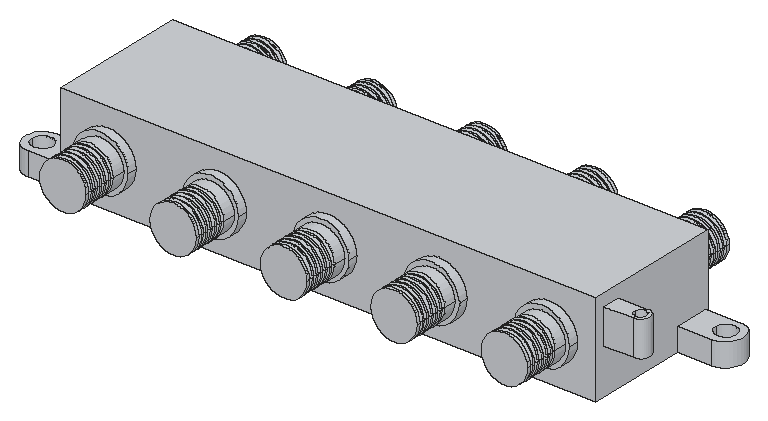
Revit family "Derivador 815-820-825", category Aparatos eléctricos, Revit 2019 (continued)
Automatic sketch dimensions
  curve 624 to curve 628 = 0.066 mm
  curve 618 to curve 629 = 0.534 mm
  curve 629 to curve 617 = 0.131 mm
  curve 617 to curve 617 = 0.766 mm
  curve 628 to curve 712 = 1.141 mm
  curve 711 to curve 710 = 0.208 mm
  curve 711 to curve 713 = 0.451 mm
  curve 709 to curve 697 = 0.034 mm
  curve 630 to curve 631 = 0.555 mm
  curve 709 to curve 697 = 0.957 mm
  curve 696 to curve 631 = 0.219 mm
  curve 715 to curve 715 = 0.153 mm
  curve 715 to curve 696 = 0.047 mm
  curve 715 to curve 694 = 0.153 mm
  curve 696 to curve 695 = 0.421 mm
  curve 630 to curve 714 = 1.622 mm
  curve 695 to curve 634 = 0.892 mm
  curve 694 to curve 695 = 0.494 mm
  curve 695 to curve 684 = 0.033 mm
  curve 695 to curve 679 = 0.145 mm
  curve 684 to curve 682 = 0.253 mm
  curve 695 to curve 636 = 0.469 mm
  curve 636 to curve 635 = 0.035 mm
  curve 681 to curve 681 = 0.231 mm
  curve 634 to curve 632 = 0.544 mm
  curve 633 to curve 639 = 0.167 mm
  curve 681 to curve 680 = 0.239 mm
  curve 681 to curve 679 = 0.03 mm
  curve 679 to curve 719 = 0.262 mm
  curve 635 to curve 636 = 1.005 mm
  curve 636 to curve 637 = 0.019 mm
  curve 637 to curve 638 = 0.019 mm
  curve 638 to curve 640 = 0.521 mm
  curve 685 to curve 686 = 2.403 mm
  curve 680 to curve 680 = 1.704 mm
  curve 632 to curve 643 = 0.451 mm
  curve 637 to curve 678 = 1.04 mm
  curve 687 to curve 684 = 0.091 mm
  curve 680 to curve 722 = 0.132 mm
  curve 687 to curve 687 = 0.224 mm
  curve 684 to curve 721 = 0.186 mm
  curve 677 to curve 717 = 0.198 mm
  curve 680 to curve 716 = 0.264 mm
  curve 684 to curve 683 = 0.25 mm
  curve 718 to curve 718 = 0.079 mm
  curve 717 to curve 677 = 0.085 mm
  curve 718 to curve 674 = 0.079 mm
  curve 644 to curve 645 = 0.423 mm
  curve 687 to curve 688 = 0.265 mm
  curve 644 to curve 641 = 0.477 mm
  curve 641 to curve 644 = 0.103 mm
  curve 677 to curve 676 = 0.283 mm
  curve 644 to curve 698 = 0.078 mm
  curve 644 to curve 700 = 0.15 mm
  curve 722 to curve 691 = 0.785 mm
  curve 700 to curve 698 = 0.716 mm
  curve 721 to curve 683 = 1.428 mm
  curve 645 to curve 649 = 0.222 mm
  curve 690 to curve 720 = 0.771 mm
  curve 716 to curve 720 = 0.177 mm
  curve 693 to curve 674 = 0.184 mm
  curve 648 to curve 650 = 0.491 mm
  curve 703 to curve 647 = 0.058 mm
  curve 647 to curve 646 = 0.094 mm
  curve 674 to curve 675 = 0.215 mm
  curve 703 to curve 703 = 0.296 mm
  curve 675 to curve 676 = 0.215 mm
  curve 682 to curve 690 = 0.971 mm
  curve 693 to curve 693 = 0.687 mm
  curve 702 to curve 702 = 1.19 mm
  curve 646 to curve 707 = 0.35 mm
  curve 705 to curve 652 = 0.244 mm
  curve 705 to curve 651 = 0.487 mm
  curve 651 to curve 662 = 0.395 mm
  curve 653 to curve 654 = 0.505 mm
  curve 654 to curve 656 = 0.728 mm
  curve 656 to curve 660 = 0.096 mm
  curve 655 to curve 661 = 0.38 mm
  curve 656 to curve 658 = 0.571 mm
  curve 657 to curve 659 = 0.498 mm
  curve 658 to curve 665 = 0.342 mm
  curve 666 to curve 667 = 0.473 mm
  curve 666 to curve 666 = 0.513 mm
  curve 664 to curve 664 = 0.526 mm
  curve 664 to curve 669 = 0.167 mm
  curve 666 to curve 667 = 1.00 mm
  curve 668 to curve 668 = 0.019 mm
  curve 668 to curve 669 = 0.019 mm
  curve 669 to curve 708 = 0.521 mm
  curve 709 to curve 653 = 0.00 mm
  curve 651 to curve 653 = 0.00 mm
  curve 620 to curve 617 = 0.00 mm
  curve 653 to curve 657 = 0.00 mm
  curve 658 to curve 708 = 0.00 mm
  curve 704 to curve 705 = 0.00 mm
  curve 701 to curve 646 = 0.00 mm
  curve 632 to curve 642 = 0.054 mm
  curve 709 to curve 697 = 0.264 mm
  curve 697 to curve 695 = 0.006 mm
  curve 663 to curve 708 = 0.481 mm
  curve 632 to curve 701 = 0.481 mm
  curve 670 to curve 664 = 0.045 mm
  curve 646 to curve 702 = 0.529 mm
  curve 703 to curve 647 = 0.015 mm
  curve 640 to curve 633 = 0.063 mm
  curve 670 to curve 670 = 0.208 mm
  curve 640 to curve 639 = 0.208 mm
  curve 696 to curve 631 = 0.23 mm
  curve 715 to curve 715 = 0.057 mm
  curve 647 to curve 650 = 0.273 mm
  curve 620 to curve 619 = 1.074 mm
  curve 619 to curve 618 = 0.007 mm
  curve 618 to curve 629 = 0.047 mm
  curve 657 to curve 656 = 1.145 mm
  curve 656 to curve 660 = 0.077 mm
  curve 660 to curve 657 = 0.066 mm
  curve 647 to curve 700 = 0.852 mm
  curve 669 to curve 668 = 0.653 mm
  curve 637 to curve 637 = 0.655 mm
  curve 619 to curve 623 = 0.537 mm
  curve 644 to curve 698 = 0.071 mm
  curve 623 to curve 624 = 0.327 mm
  curve 624 to curve 628 = 0.025 mm
  curve 628 to curve 712 = 0.256 mm
  curve 661 to curve 705 = 0.066 mm
  curve 709 to curve 630 = 0.036 mm
  curve 635 to curve 714 = 0.567 mm
  curve 711 to curve 710 = 0.48 mm
  curve 651 to curve 652 = 0.48 mm
  curve 645 to curve 648 = 0.577 mm
  curve 645 to curve 678 = 1.486 mm
  curve 676 to curve 677 = 0.485 mm
  curve 677 to curve 674 = 0.487 mm
  curve 674 to curve 718 = 0.114 mm
  curve 649 to curve 676 = 2.071 mm
  curve 675 to curve 675 = 0.391 mm
  curve 717 to curve 678 = 0.633 mm
  curve 678 to curve 719 = 0.516 mm
  curve 717 to curve 719 = 0.414 mm
  curve 675 to curve 720 = 0.624 mm
  curve 679 to curve 680 = 0.453 mm
  curve 693 to curve 693 = 0.429 mm
  curve 693 to curve 720 = 0.454 mm
  curve 680 to curve 681 = 0.425 mm
  curve 692 to curve 692 = 0.574 mm
  curve 716 to curve 722 = 0.692 mm
  curve 722 to curve 716 = 0.234 mm
  curve 722 to curve 690 = 0.572 mm
  curve 681 to curve 685 = 1.445 mm
  curve 690 to curve 689 = 0.918 mm
  curve 689 to curve 683 = 0.53 mm
  curve 684 to curve 685 = 1.024 mm
  curve 682 to curve 721 = 0.346 mm
  curve 689 to curve 688 = 1.054 mm
  curve 721 to curve 684 = 0.339 mm
  curve 683 to curve 687 = 0.556 mm
  curve 687 to curve 688 = 0.376 mm
  curve 673 to curve 637 = 0.431 mm
  curve 637 to curve 673 = 0.172 mm
  curve 672 to curve 668 = 0.431 mm
  curve 668 to curve 672 = 0.172 mm
  curve 672 to curve 668 = 0.06 mm
  curve 673 to curve 637 = 0.062 mm
  curve 46 to curve 47 = 0.00 mm
  curve 49 to curve 50 = 0.00 mm
  curve 580 to curve 600 = 0.00 mm  (x2)
  curve 582 to curve 597 = 0.00 mm  (x2)
  curve 592 to curve 605 = 0.228 mm
  curve 592 to curve 580 = 1.076 mm
  curve 605 to curve 612 = 0.98 mm
  curve 611 to curve 607 = 0.382 mm
  curve 580 to curve 583 = 1.289 mm
  curve 583 to curve 599 = 0.158 mm
  curve 607 to curve 611 = 0.864 mm
  curve 607 to curve 610 = 0.00 mm
  curve 607 to curve 613 = 0.895 mm
  curve 614 to curve 614 = 0.082 mm
  curve 595 to curve 597 = 0.621 mm
  curve 606 to curve 608 = 0.67 mm
  curve 608 to curve 615 = 0.056 mm
  curve 615 to curve 610 = 0.056 mm
  curve 582 to curve 596 = 0.622 mm
  curve 596 to curve 598 = 0.158 mm
  curve 581 to curve 602 = 0.155 mm
  curve 606 to curve 590 = 1.999 mm
  curve 582 to curve 585 = 0.74 mm
  curve 589 to curve 604 = 0.227 mm
  curve 604 to curve 594 = 0.226 mm
  curve 584 to curve 587 = 0.50 mm
  curve 587 to curve 603 = 0.579 mm
  curve 610 to curve 608 = 0.224 mm
  curve 608 to curve 604 = 0.621 mm
  curve 607 to curve 605 = 0.635 mm
  curve 604 to curve 610 = 0.132 mm
  curve 615 to curve 615 = 0.056 mm
  curve 607 to curve 607 = 0.864 mm
  curve 607 to curve 612 = 0.158 mm
  curve 612 to curve 613 = 1.536 mm
  curve 606 to curve 589 = 0.317 mm
  curve 590 to curve 592 = 0.406 mm
  curve 594 to curve 586 = 0.942 mm
  curve 585 to curve 582 = 0.918 mm
  curve 582 to curve 580 = 0.118 mm
  curve 582 to curve 585 = 0.744 mm
  curve 584 to curve 603 = 0.00 mm
  curve 584 to curve 598 = 0.326 mm
  curve 583 to curve 599 = 1.052 mm
  curve 588 to curve 601 = 0.499 mm
  curve 494 to curve 514 = 0.00 mm  (x2)
  curve 496 to curve 511 = 0.00 mm  (x2)
  curve 506 to curve 519 = 0.228 mm
  curve 506 to curve 494 = 1.076 mm
  curve 519 to curve 526 = 0.98 mm
  curve 525 to curve 521 = 0.382 mm
  curve 494 to curve 497 = 1.289 mm
  curve 497 to curve 513 = 0.158 mm
  curve 521 to curve 525 = 0.864 mm
  curve 521 to curve 524 = 0.00 mm
  curve 521 to curve 527 = 0.895 mm
  curve 528 to curve 528 = 0.082 mm
  curve 509 to curve 511 = 0.621 mm
  curve 520 to curve 522 = 0.67 mm
  curve 522 to curve 529 = 0.056 mm
  curve 529 to curve 524 = 0.056 mm
  curve 496 to curve 510 = 0.622 mm
  curve 510 to curve 512 = 0.158 mm
  curve 495 to curve 516 = 0.155 mm
  curve 520 to curve 504 = 1.999 mm
  curve 496 to curve 499 = 0.74 mm
  curve 503 to curve 518 = 0.227 mm
  curve 518 to curve 508 = 0.226 mm
  curve 498 to curve 501 = 0.50 mm
  curve 501 to curve 517 = 0.579 mm
  curve 524 to curve 522 = 0.224 mm
  curve 522 to curve 518 = 0.621 mm
  curve 521 to curve 519 = 0.635 mm
  curve 518 to curve 524 = 0.132 mm
  curve 529 to curve 529 = 0.056 mm
  curve 521 to curve 521 = 0.864 mm
  curve 521 to curve 526 = 0.158 mm
  curve 526 to curve 527 = 1.536 mm
  curve 520 to curve 503 = 0.317 mm
  curve 504 to curve 506 = 0.406 mm
  curve 508 to curve 500 = 0.942 mm
  curve 499 to curve 496 = 0.918 mm
  curve 496 to curve 494 = 0.118 mm
  curve 496 to curve 499 = 0.744 mm
  curve 498 to curve 517 = 0.00 mm
  curve 498 to curve 512 = 0.326 mm
  curve 497 to curve 513 = 1.052 mm
  curve 502 to curve 515 = 0.499 mm
  curve 530 to plane 10 "Centro I/S" = 0.00 mm
  curve 532 to plane 9 "Centro I/R" = 0.00 mm
  plane 11 "Centro I/W" to curve 530 = 0.00 mm
  plane 6 "Centro I/G" to curve 533 = 1.50 mm
  plane 3 "Centro (Izquierda/Derecha)" to curve 842 = 20.279 mm
  plane 3 "Centro (Izquierda/Derecha)" to curve 841 = 20.279 mm
  curve 842 to curve 842 = 0.968 mm
  curve 841 to curve 841 = 0.968 mm
  plane 7 "Centro I/H" to curve 841 = 993.236 mm
  curve 842 to plane 6 "Centro I/G" = 976.764 mm
  radius of Extrusion 10 sketch curve = 5.00 mm
  radius of Extrusion 11 sketch curve = 6.00 mm
  radius of Extrusion 12 sketch curve = 1.304 mm
  radius of Extrusion 13 sketch curve = 2.25 mm
  radius of Extrusion 14 sketch curve = 2.25 mm
  radius of Extrusion 15 sketch curve = 1.304 mm
  radius of Extrusion 16 sketch curve = 2.25 mm
  radius of Extrusion 4 sketch curve = 5.00 mm
  radius of Extrusion 5 sketch curve = 6.00 mm
  radius of Extrusion 2 sketch curve = 5.00 mm
  radius of Extrusion 3 sketch curve = 6.00 mm
  radius of Extrusion 6 sketch curve = 5.00 mm
  radius of Extrusion 7 sketch curve = 6.00 mm
  radius of Extrusion 8 sketch curve = 5.00 mm
  radius of Extrusion 9 sketch curve = 6.00 mm
  radius of Extrusion 41 sketch curve = 5.00 mm
  radius of Extrusion 42 sketch curve = 6.00 mm
  radius of Extrusion 49 sketch curve = 5.00 mm
  radius of Extrusion 50 sketch curve = 6.00 mm
  radius of Extrusion 57 sketch curve = 5.00 mm
  radius of Extrusion 58 sketch curve = 6.00 mm
  radius of Extrusion 65 sketch curve = 5.00 mm
  radius of Extrusion 66 sketch curve = 6.00 mm
  radius of Extrusion 73 sketch curve = 5.00 mm
  radius of Extrusion 74 sketch curve = 6.00 mm
  radius of Extrusion 81 sketch curve = 5.00 mm
  radius of Extrusion 82 sketch curve = 6.00 mm
  radius of Extrusion 89 sketch curve = 5.00 mm
  radius of Extrusion 90 sketch curve = 6.00 mm
  radius of Extrusion 97 sketch curve = 5.00 mm
  radius of Extrusion 98 sketch curve = 6.00 mm
  radius of curve 331 = 0.288 mm
  radius of curve 389 = 0.288 mm
  radius of curve 652 = 0.288 mm
  radius of curve 710 = 0.288 mm
  radius of curve 580 = 1.165 mm
  radius of curve 600 = 0.849 mm
  radius of curve 494 = 1.165 mm
  radius of curve 514 = 0.849 mm
